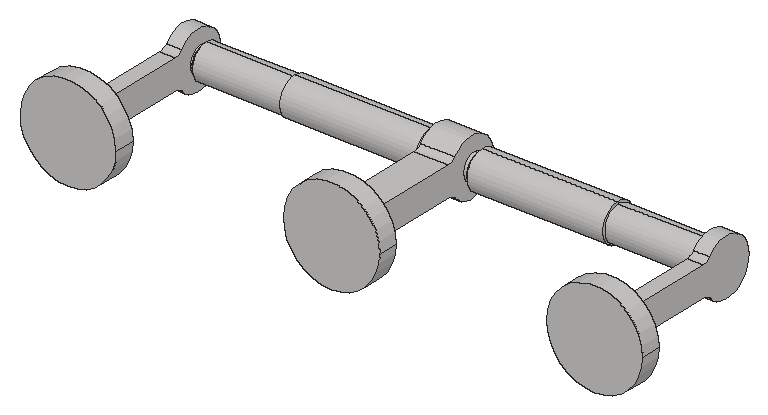
Revit family "SA-2710", category Plumbing Fixtures, host Wall, Revit 2023
Family settings
  Host = Wall
  Round Connector Dimension = Use Diameter
  Part Type = Normal
  OmniClass Number = 23.45.00.00
  OmniClass Title = Sanitary, Laundry, and Cleaning Equipment
  Enable Cutting in Views = No
  Always vertical = Yes
  Cut with Voids When Loaded = No
  Maintain Annotation Orientation = No
  Shared = No
  Room Calculation Point = No
Parameters
  Default Elevation = 0' - 0"
Reference planes (in)
  plane 1: y = 0
  plane 2 "Center (Left/Right)": x = -0.47711
  plane 3 "Back": y = 3
  plane 4: z = 35.99699
  plane 5: x = 6.61664
  plane 6: x = -7.57086
  plane 7: x = 5.52289
  plane 8: x = -6.47711
  plane 9: y = 7.125
  plane 10: y = 3.46055
  plane 11: y = 6.5625
Forms (in)
  Extrusion 1, solid, material "Metals"
    sketch origin (-60, 3, 0) x (-1, 0, 0) y (0, 0, 1)
      loop
        circle (-65.52289, 35.99699) r 1.09375
      loop
        circle (-59.52289, 35.99699) r 1.09375
      loop
        circle (-53.52289, 35.99699) r 1.09375
    from 0 to 0.46055
  Extrusion 2, solid, material "Metals"
    sketch origin (-0.47711, -0.01884, 0) x (0, 1, 0) y (0, 0, 1)
      loop
        line (3.4794, 35.99699) -> (3.4794, 35.66088) -> (5.8668, 35.66088)
        arc (5.8668, 35.66088) -> (5.9668, 35.63871) -> (6.04806, 35.57636) r 0.23661
        arc (6.04806, 35.57636) -> (6.74597, 35.39586) -> (7.14384, 35.99699) r 0.62069
        arc (7.14384, 35.99699) -> (6.74597, 36.59811) -> (6.04806, 36.41762) r 0.62069
        arc (6.04806, 36.41762) -> (5.9668, 36.35527) -> (5.8668, 36.3331) r 0.23661
        line (5.8668, 36.3331) -> (3.4794, 36.3331) -> (3.4794, 35.99699)
    from 5.83335 to 6.20023
  Extrusion 3, solid, material "Metals"
    sketch origin (-6.47711, -0.01884, 0) x (0, 1, 0) y (0, 0, 1)
      loop
        line (3.4794, 35.99699) -> (3.4794, 35.66088) -> (5.8668, 35.66088)
        arc (5.8668, 35.66088) -> (5.9668, 35.63871) -> (6.04806, 35.57636) r 0.23661
        arc (6.04806, 35.57636) -> (6.74597, 35.39586) -> (7.14384, 35.99699) r 0.62069
        arc (7.14384, 35.99699) -> (6.74597, 36.59811) -> (6.04806, 36.41762) r 0.62069
        arc (6.04806, 36.41762) -> (5.9668, 36.35527) -> (5.8668, 36.3331) r 0.23661
        line (5.8668, 36.3331) -> (3.4794, 36.3331) -> (3.4794, 35.99699)
    from 5.60659 to 6.39341
  Extrusion 4, solid, material "Metals"
    sketch origin (-12.42734, -0.00322, 0) x (0, 1, 0) y (0, 0, 1)
      loop
        line (3.46377, 35.99699) -> (3.46377, 35.66088) -> (5.85118, 35.66088)
        arc (5.85118, 35.66088) -> (5.95118, 35.63871) -> (6.03244, 35.57636) r 0.23661
        arc (6.03244, 35.57636) -> (6.73034, 35.39586) -> (7.12822, 35.99699) r 0.62069
        arc (7.12822, 35.99699) -> (6.73034, 36.59811) -> (6.03244, 36.41762) r 0.62069
        arc (6.03244, 36.41762) -> (5.95118, 36.35527) -> (5.85118, 36.3331) r 0.23661
        line (5.85118, 36.3331) -> (3.46377, 36.3331) -> (3.46377, 35.99699)
    from 5.76256 to 6.11688
  Revolve 5, solid, material "Metals"
    sketch origin (-60, 6.5625, 0) x (-1, 0, 0) y (0, 0, 1)
      loop
        line (-65.35625, 35.99699) -> (-59.9163, 35.99699) -> (-59.9163, 36.30217) -> (-60.00965, 36.30217) -> (-60.11336, 36.42577) -> (-63.20776, 36.42577) -> (-63.20776, 36.389) -> (-65.22375, 36.389) -> (-65.22375, 36.35409) -> (-65.25832, 36.35409) -> (-65.30835, 36.30405) -> (-65.35625, 36.30405) -> (-65.35625, 35.99699)
      axis (-65.35625, 35.99699) -> (-59.9163, 35.99699)
    angle from 0 to 360
  Revolve 6, solid, material "Metals"
    sketch origin (59.04578, 6.5625, 0) x (1, 0, 0) y (0, 0, -1)
      loop
        line (-65.35625, -35.99699) -> (-65.35625, -36.30405) -> (-65.30835, -36.30405) -> (-65.25832, -36.35409) -> (-65.22375, -36.35409) -> (-65.22375, -36.389) -> (-63.20776, -36.389) -> (-63.20776, -36.42577) -> (-60.11336, -36.42577) -> (-60.00965, -36.30217) -> (-59.9163, -36.30217) -> (-59.9163, -35.99699) -> (-65.35625, -35.99699)
      axis (-65.35625, -35.99699) -> (-59.9163, -35.99699)
    angle from 0 to 360
Text (in)
  text "Placement Side" at (0, 40.15149, 123.01588), in view "Right"
  text "Placement Side" at (-70.3804, 45.82615, 0), in view "Ref. Level"
  text "Placement Side" at (0, 47.49176, 113.10569), in view "Left"
Dimensions and locks (in)
  locked: plane 3 "Back" to host wall
  plane 9 to plane 3 "Back" = 0' - 4 1/8"
  locked: plane 10 to plane 3 "Back" at 0.46055
  locked: plane 9 to plane 3 "Back" at 4.125
  locked: plane 11 to plane 3 "Back" at 3.5625
  plane 6 to plane 5 = 1' - 2 3/16"
  plane 8 to plane 7 = 1' - 0"
  aligned and locked: Extrusion 1 to plane 10
  aligned and locked: Extrusion 3 to plane 9
  aligned and locked: Extrusion 4 to plane 9
  aligned and locked: Extrusion 2 to plane 9
  aligned and locked: plane 11 to Revolve 5
  aligned and locked: plane 11 to Revolve 6
  aligned and locked: Extrusion 2 to plane 10
  aligned and locked: Extrusion 4 to Extrusion 1
